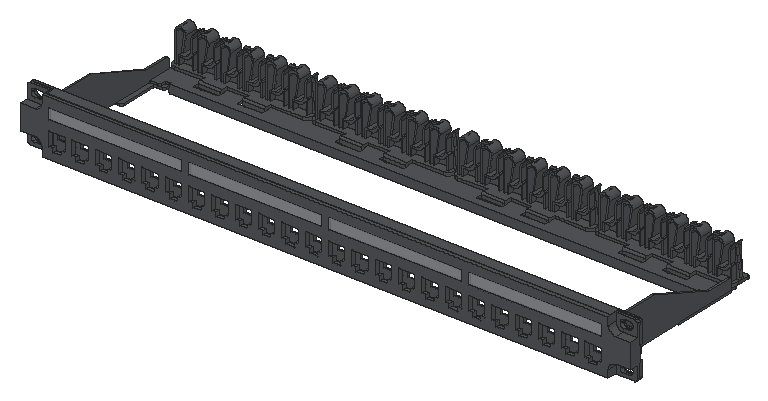
Revit family "Panneau de brassage", category Equipement spécialisé, Revit 2020 (continued)
Forms (mm)
  Extrusion 73, solid, material "IDS_NOIR" <- "Couleur"
    sketch origin (0, 127.2, 8.1) x (0, 1, 0) y (1, 0, 0)
      loop
        arc (104.1, 217.05) -> (103.393, 216.757) -> (103.1, 216.05) r 1
        line (103.1, 216.05) -> (103.1, 215.05) -> (97.1, 215.05)
    from 0 to -1.5
  Extrusion 74, solid, material "IDS_NOIR" <- "Couleur"
    sketch origin (-18.1, 127.2, 8.1) x (0, 1, 0) y (1, 0, 0)
      loop
        line (97.1, 215.05) -> (97.1, 210.05) -> (103.1, 210.05) -> (103.1, 209.05)
        arc (103.1, 209.05) -> (103.393, 208.343) -> (104.1, 208.05) r 1
        line (104.1, 208.05) -> (105.1, 208.05)
        arc (105.1, 208.05) -> (105.807, 208.343) -> (106.1, 209.05) r 1
        line (106.1, 209.05) -> (106.1, 216.05)
        arc (106.1, 216.05) -> (105.807, 216.757) -> (105.1, 217.05) r 1
        line (105.1, 217.05) -> (104.1, 217.05)
        arc (104.1, 217.05) -> (103.393, 216.757) -> (103.1, 216.05) r 1
        line (103.1, 216.05) -> (103.1, 215.05) -> (97.1, 215.05)
    from 0 to -1.5
  Extrusion 75, solid, material "IDS_NOIR" <- "Couleur"
    sketch origin (-36.2, 127.2, 8.1) x (0, 1, 0) y (1, 0, 0)
      loop
        line (97.1, 215.05) -> (97.1, 210.05) -> (103.1, 210.05) -> (103.1, 209.05)
        arc (103.1, 209.05) -> (103.393, 208.343) -> (104.1, 208.05) r 1
        line (104.1, 208.05) -> (105.1, 208.05)
        arc (105.1, 208.05) -> (105.807, 208.343) -> (106.1, 209.05) r 1
        line (106.1, 209.05) -> (106.1, 216.05)
        arc (106.1, 216.05) -> (105.807, 216.757) -> (105.1, 217.05) r 1
        line (105.1, 217.05) -> (104.1, 217.05)
        arc (104.1, 217.05) -> (103.393, 216.757) -> (103.1, 216.05) r 1
        line (103.1, 216.05) -> (103.1, 215.05) -> (97.1, 215.05)
    from 0 to -1.5
  Extrusion 76, solid, material "IDS_NOIR" <- "Couleur"
    sketch origin (-54.3, 127.2, 8.1) x (0, 1, 0) y (1, 0, 0)
      loop
        line (97.1, 215.05) -> (97.1, 210.05) -> (103.1, 210.05) -> (103.1, 209.05)
        arc (103.1, 209.05) -> (103.393, 208.343) -> (104.1, 208.05) r 1
        line (104.1, 208.05) -> (105.1, 208.05)
        arc (105.1, 208.05) -> (105.807, 208.343) -> (106.1, 209.05) r 1
        line (106.1, 209.05) -> (106.1, 216.05)
        arc (106.1, 216.05) -> (105.807, 216.757) -> (105.1, 217.05) r 1
        line (105.1, 217.05) -> (104.1, 217.05)
        arc (104.1, 217.05) -> (103.393, 216.757) -> (103.1, 216.05) r 1
        line (103.1, 216.05) -> (103.1, 215.05) -> (97.1, 215.05)
    from 0 to -1.5
  Extrusion 77, solid, material "IDS_NOIR" <- "Couleur"
    sketch origin (-72.4, 127.2, 8.1) x (0, 1, 0) y (1, 0, 0)
      loop
        line (97.1, 215.05) -> (97.1, 210.05) -> (103.1, 210.05) -> (103.1, 209.05)
        arc (103.1, 209.05) -> (103.393, 208.343) -> (104.1, 208.05) r 1
        line (104.1, 208.05) -> (105.1, 208.05)
        arc (105.1, 208.05) -> (105.807, 208.343) -> (106.1, 209.05) r 1
        line (106.1, 209.05) -> (106.1, 216.05)
        arc (106.1, 216.05) -> (105.807, 216.757) -> (105.1, 217.05) r 1
        line (105.1, 217.05) -> (104.1, 217.05)
        arc (104.1, 217.05) -> (103.393, 216.757) -> (103.1, 216.05) r 1
        line (103.1, 216.05) -> (103.1, 215.05) -> (97.1, 215.05)
    from 0 to -1.5
  Extrusion 78, solid, material "IDS_NOIR" <- "Couleur"
    sketch origin (-90.5, 127.2, 8.1) x (0, 1, 0) y (1, 0, 0)
      loop
        line (97.1, 215.05) -> (97.1, 210.05) -> (103.1, 210.05) -> (103.1, 209.05)
        arc (103.1, 209.05) -> (103.393, 208.343) -> (104.1, 208.05) r 1
        line (104.1, 208.05) -> (105.1, 208.05)
        arc (105.1, 208.05) -> (105.807, 208.343) -> (106.1, 209.05) r 1
        line (106.1, 209.05) -> (106.1, 216.05)
        arc (106.1, 216.05) -> (105.807, 216.757) -> (105.1, 217.05) r 1
        line (105.1, 217.05) -> (104.1, 217.05)
        arc (104.1, 217.05) -> (103.393, 216.757) -> (103.1, 216.05) r 1
        line (103.1, 216.05) -> (103.1, 215.05) -> (97.1, 215.05)
    from 0 to -1.5
  Extrusion 79, solid, material "IDS_NOIR" <- "Couleur"
    sketch origin (-112, 127.2, 8.1) x (0, 1, 0) y (1, 0, 0)
      loop
        line (97.1, 215.05) -> (97.1, 210.05) -> (103.1, 210.05) -> (103.1, 209.05)
        arc (103.1, 209.05) -> (103.393, 208.343) -> (104.1, 208.05) r 1
        line (104.1, 208.05) -> (105.1, 208.05)
        arc (105.1, 208.05) -> (105.807, 208.343) -> (106.1, 209.05) r 1
        line (106.1, 209.05) -> (106.1, 216.05)
        arc (106.1, 216.05) -> (105.807, 216.757) -> (105.1, 217.05) r 1
        line (105.1, 217.05) -> (104.1, 217.05)
        arc (104.1, 217.05) -> (103.393, 216.757) -> (103.1, 216.05) r 1
        line (103.1, 216.05) -> (103.1, 215.05) -> (97.1, 215.05)
    from 0 to -1.5
  Extrusion 80, solid, material "IDS_NOIR" <- "Couleur"
    sketch origin (-130.1, 127.2, 8.1) x (0, 1, 0) y (1, 0, 0)
      loop
        line (97.1, 215.05) -> (97.1, 210.05) -> (103.1, 210.05) -> (103.1, 209.05)
        arc (103.1, 209.05) -> (103.393, 208.343) -> (104.1, 208.05) r 1
        line (104.1, 208.05) -> (105.1, 208.05)
        arc (105.1, 208.05) -> (105.807, 208.343) -> (106.1, 209.05) r 1
        line (106.1, 209.05) -> (106.1, 216.05)
        arc (106.1, 216.05) -> (105.807, 216.757) -> (105.1, 217.05) r 1
        line (105.1, 217.05) -> (104.1, 217.05)
        arc (104.1, 217.05) -> (103.393, 216.757) -> (103.1, 216.05) r 1
        line (103.1, 216.05) -> (103.1, 215.05) -> (97.1, 215.05)
    from 0 to -1.5
  Extrusion 81, solid, material "IDS_NOIR" <- "Couleur"
    sketch origin (-148.2, 127.2, 8.1) x (0, 1, 0) y (1, 0, 0)
      loop
        line (97.1, 215.05) -> (97.1, 210.05) -> (103.1, 210.05) -> (103.1, 209.05)
        arc (103.1, 209.05) -> (103.393, 208.343) -> (104.1, 208.05) r 1
        line (104.1, 208.05) -> (105.1, 208.05)
        arc (105.1, 208.05) -> (105.807, 208.343) -> (106.1, 209.05) r 1
        line (106.1, 209.05) -> (106.1, 216.05)
        arc (106.1, 216.05) -> (105.807, 216.757) -> (105.1, 217.05) r 1
        line (105.1, 217.05) -> (104.1, 217.05)
        arc (104.1, 217.05) -> (103.393, 216.757) -> (103.1, 216.05) r 1
        line (103.1, 216.05) -> (103.1, 215.05) -> (97.1, 215.05)
    from 0 to -1.5
  Extrusion 82, solid, material "IDS_NOIR" <- "Couleur"
    sketch origin (-166.3, 127.2, 8.1) x (0, 1, 0) y (1, 0, 0)
      loop
        line (97.1, 215.05) -> (97.1, 210.05) -> (103.1, 210.05) -> (103.1, 209.05)
        arc (103.1, 209.05) -> (103.393, 208.343) -> (104.1, 208.05) r 1
        line (104.1, 208.05) -> (105.1, 208.05)
        arc (105.1, 208.05) -> (105.807, 208.343) -> (106.1, 209.05) r 1
        line (106.1, 209.05) -> (106.1, 216.05)
        arc (106.1, 216.05) -> (105.807, 216.757) -> (105.1, 217.05) r 1
        line (105.1, 217.05) -> (104.1, 217.05)
        arc (104.1, 217.05) -> (103.393, 216.757) -> (103.1, 216.05) r 1
        line (103.1, 216.05) -> (103.1, 215.05) -> (97.1, 215.05)
    from 0 to -1.5
  Extrusion 83, solid, material "IDS_NOIR" <- "Couleur"
    sketch origin (-184.4, 127.2, 8.1) x (0, 1, 0) y (1, 0, 0)
      loop
        line (97.1, 215.05) -> (97.1, 210.05) -> (103.1, 210.05) -> (103.1, 209.05)
        arc (103.1, 209.05) -> (103.393, 208.343) -> (104.1, 208.05) r 1
        line (104.1, 208.05) -> (105.1, 208.05)
        arc (105.1, 208.05) -> (105.807, 208.343) -> (106.1, 209.05) r 1
        line (106.1, 209.05) -> (106.1, 216.05)
        arc (106.1, 216.05) -> (105.807, 216.757) -> (105.1, 217.05) r 1
        line (105.1, 217.05) -> (104.1, 217.05)
        arc (104.1, 217.05) -> (103.393, 216.757) -> (103.1, 216.05) r 1
        line (103.1, 216.05) -> (103.1, 215.05) -> (97.1, 215.05)
    from 0 to -1.5
  Extrusion 84, solid, material "IDS_NOIR" <- "Couleur"
    sketch origin (-202.5, 127.2, 8.1) x (0, 1, 0) y (1, 0, 0)
      loop
        line (97.1, 215.05) -> (97.1, 210.05) -> (103.1, 210.05) -> (103.1, 209.05)
        arc (103.1, 209.05) -> (103.393, 208.343) -> (104.1, 208.05) r 1
        line (104.1, 208.05) -> (105.1, 208.05)
        arc (105.1, 208.05) -> (105.807, 208.343) -> (106.1, 209.05) r 1
        line (106.1, 209.05) -> (106.1, 216.05)
        arc (106.1, 216.05) -> (105.807, 216.757) -> (105.1, 217.05) r 1
        line (105.1, 217.05) -> (104.1, 217.05)
        arc (104.1, 217.05) -> (103.393, 216.757) -> (103.1, 216.05) r 1
        line (103.1, 216.05) -> (103.1, 215.05) -> (97.1, 215.05)
    from 0 to -1.5
  Extrusion 85, solid, material "IDS_NOIR" <- "Couleur"
    sketch origin (446.6, 127.2, 8.1) x (0, -1, 0) y (-1, 0, 0)
      loop
        line (-97.1, 215.05) -> (-103.1, 215.05) -> (-103.1, 216.05)
        arc (-103.1, 216.05) -> (-103.393, 216.757) -> (-104.1, 217.05) r 1
        line (-104.1, 217.05) -> (-105.1, 217.05)
        arc (-105.1, 217.05) -> (-105.807, 216.757) -> (-106.1, 216.05) r 1
        line (-106.1, 216.05) -> (-106.1, 209.05)
        arc (-106.1, 209.05) -> (-105.807, 208.343) -> (-105.1, 208.05) r 1
        line (-105.1, 208.05) -> (-104.1, 208.05)
        arc (-104.1, 208.05) -> (-103.393, 208.343) -> (-103.1, 209.05) r 1
        line (-103.1, 209.05) -> (-103.1, 210.05) -> (-97.1, 210.05) -> (-97.1, 215.05)
    from 0 to -1.5
  Extrusion 86, solid, material "IDS_NOIR" <- "Couleur"
    sketch origin (464.7, 127.2, 8.1) x (0, -1, 0) y (-1, 0, 0)
      loop
        line (-97.1, 215.05) -> (-103.1, 215.05) -> (-103.1, 216.05)
        arc (-103.1, 216.05) -> (-103.393, 216.757) -> (-104.1, 217.05) r 1
        line (-104.1, 217.05) -> (-105.1, 217.05)
        arc (-105.1, 217.05) -> (-105.807, 216.757) -> (-106.1, 216.05) r 1
        line (-106.1, 216.05) -> (-106.1, 209.05)
        arc (-106.1, 209.05) -> (-105.807, 208.343) -> (-105.1, 208.05) r 1
        line (-105.1, 208.05) -> (-104.1, 208.05)
        arc (-104.1, 208.05) -> (-103.393, 208.343) -> (-103.1, 209.05) r 1
        line (-103.1, 209.05) -> (-103.1, 210.05) -> (-97.1, 210.05) -> (-97.1, 215.05)
    from 0 to -1.5
  Extrusion 87, solid, material "IDS_NOIR" <- "Couleur"
    sketch origin (482.8, 127.2, 8.1) x (0, -1, 0) y (-1, 0, 0)
      loop
        line (-97.1, 215.05) -> (-103.1, 215.05) -> (-103.1, 216.05)
        arc (-103.1, 216.05) -> (-103.393, 216.757) -> (-104.1, 217.05) r 1
        line (-104.1, 217.05) -> (-105.1, 217.05)
        arc (-105.1, 217.05) -> (-105.807, 216.757) -> (-106.1, 216.05) r 1
        line (-106.1, 216.05) -> (-106.1, 209.05)
        arc (-106.1, 209.05) -> (-105.807, 208.343) -> (-105.1, 208.05) r 1
        line (-105.1, 208.05) -> (-104.1, 208.05)
        arc (-104.1, 208.05) -> (-103.393, 208.343) -> (-103.1, 209.05) r 1
        line (-103.1, 209.05) -> (-103.1, 210.05) -> (-97.1, 210.05) -> (-97.1, 215.05)
    from 0 to -1.5
  Extrusion 88, solid, material "IDS_NOIR" <- "Couleur"
    sketch origin (500.9, 127.2, 8.1) x (0, -1, 0) y (-1, 0, 0)
      loop
        line (-97.1, 215.05) -> (-103.1, 215.05) -> (-103.1, 216.05)
        arc (-103.1, 216.05) -> (-103.393, 216.757) -> (-104.1, 217.05) r 1
        line (-104.1, 217.05) -> (-105.1, 217.05)
        arc (-105.1, 217.05) -> (-105.807, 216.757) -> (-106.1, 216.05) r 1
        line (-106.1, 216.05) -> (-106.1, 209.05)
        arc (-106.1, 209.05) -> (-105.807, 208.343) -> (-105.1, 208.05) r 1
        line (-105.1, 208.05) -> (-104.1, 208.05)
        arc (-104.1, 208.05) -> (-103.393, 208.343) -> (-103.1, 209.05) r 1
        line (-103.1, 209.05) -> (-103.1, 210.05) -> (-97.1, 210.05) -> (-97.1, 215.05)
    from 0 to -1.5
  Extrusion 89, solid, material "IDS_NOIR" <- "Couleur"
    sketch origin (519, 127.2, 8.1) x (0, -1, 0) y (-1, 0, 0)
      loop
        line (-97.1, 215.05) -> (-103.1, 215.05) -> (-103.1, 216.05)
        arc (-103.1, 216.05) -> (-103.393, 216.757) -> (-104.1, 217.05) r 1
        line (-104.1, 217.05) -> (-105.1, 217.05)
        arc (-105.1, 217.05) -> (-105.807, 216.757) -> (-106.1, 216.05) r 1
        line (-106.1, 216.05) -> (-106.1, 209.05)
        arc (-106.1, 209.05) -> (-105.807, 208.343) -> (-105.1, 208.05) r 1
        line (-105.1, 208.05) -> (-104.1, 208.05)
        arc (-104.1, 208.05) -> (-103.393, 208.343) -> (-103.1, 209.05) r 1
        line (-103.1, 209.05) -> (-103.1, 210.05) -> (-97.1, 210.05) -> (-97.1, 215.05)
    from 0 to -1.5
  Extrusion 90, solid, material "IDS_NOIR" <- "Couleur"
    sketch origin (537.1, 127.2, 8.1) x (0, -1, 0) y (-1, 0, 0)
      loop
        line (-97.1, 215.05) -> (-103.1, 215.05) -> (-103.1, 216.05)
        arc (-103.1, 216.05) -> (-103.393, 216.757) -> (-104.1, 217.05) r 1
        line (-104.1, 217.05) -> (-105.1, 217.05)
        arc (-105.1, 217.05) -> (-105.807, 216.757) -> (-106.1, 216.05) r 1
        line (-106.1, 216.05) -> (-106.1, 209.05)
        arc (-106.1, 209.05) -> (-105.807, 208.343) -> (-105.1, 208.05) r 1
        line (-105.1, 208.05) -> (-104.1, 208.05)
        arc (-104.1, 208.05) -> (-103.393, 208.343) -> (-103.1, 209.05) r 1
        line (-103.1, 209.05) -> (-103.1, 210.05) -> (-97.1, 210.05) -> (-97.1, 215.05)
    from 0 to -1.5
  Extrusion 91, solid, material "IDS_NOIR" <- "Couleur"
    sketch origin (558.6, 127.2, 8.1) x (0, -1, 0) y (-1, 0, 0)
      loop
        line (-97.1, 215.05) -> (-103.1, 215.05) -> (-103.1, 216.05)
        arc (-103.1, 216.05) -> (-103.393, 216.757) -> (-104.1, 217.05) r 1
        line (-104.1, 217.05) -> (-105.1, 217.05)
        arc (-105.1, 217.05) -> (-105.807, 216.757) -> (-106.1, 216.05) r 1
        line (-106.1, 216.05) -> (-106.1, 209.05)
        arc (-106.1, 209.05) -> (-105.807, 208.343) -> (-105.1, 208.05) r 1
        line (-105.1, 208.05) -> (-104.1, 208.05)
        arc (-104.1, 208.05) -> (-103.393, 208.343) -> (-103.1, 209.05) r 1
        line (-103.1, 209.05) -> (-103.1, 210.05) -> (-97.1, 210.05) -> (-97.1, 215.05)
    from 0 to -1.5
  Extrusion 92, solid, material "IDS_NOIR" <- "Couleur"
    sketch origin (576.7, 127.2, 8.1) x (0, -1, 0) y (-1, 0, 0)
      loop
        line (-97.1, 215.05) -> (-103.1, 215.05) -> (-103.1, 216.05)
        arc (-103.1, 216.05) -> (-103.393, 216.757) -> (-104.1, 217.05) r 1
        line (-104.1, 217.05) -> (-105.1, 217.05)
        arc (-105.1, 217.05) -> (-105.807, 216.757) -> (-106.1, 216.05) r 1
        line (-106.1, 216.05) -> (-106.1, 209.05)
        arc (-106.1, 209.05) -> (-105.807, 208.343) -> (-105.1, 208.05) r 1
        line (-105.1, 208.05) -> (-104.1, 208.05)
        arc (-104.1, 208.05) -> (-103.393, 208.343) -> (-103.1, 209.05) r 1
        line (-103.1, 209.05) -> (-103.1, 210.05) -> (-97.1, 210.05) -> (-97.1, 215.05)
    from 0 to -1.5
  Extrusion 93, solid, material "IDS_NOIR" <- "Couleur"
    sketch origin (594.8, 127.2, 8.1) x (0, -1, 0) y (-1, 0, 0)
      loop
        line (-97.1, 215.05) -> (-103.1, 215.05) -> (-103.1, 216.05)
        arc (-103.1, 216.05) -> (-103.393, 216.757) -> (-104.1, 217.05) r 1
        line (-104.1, 217.05) -> (-105.1, 217.05)
        arc (-105.1, 217.05) -> (-105.807, 216.757) -> (-106.1, 216.05) r 1
        line (-106.1, 216.05) -> (-106.1, 209.05)
        arc (-106.1, 209.05) -> (-105.807, 208.343) -> (-105.1, 208.05) r 1
        line (-105.1, 208.05) -> (-104.1, 208.05)
        arc (-104.1, 208.05) -> (-103.393, 208.343) -> (-103.1, 209.05) r 1
        line (-103.1, 209.05) -> (-103.1, 210.05) -> (-97.1, 210.05) -> (-97.1, 215.05)
    from 0 to -1.5
  Extrusion 94, solid, material "IDS_NOIR" <- "Couleur"
    sketch origin (612.9, 127.2, 8.1) x (0, -1, 0) y (-1, 0, 0)
      loop
        line (-97.1, 215.05) -> (-103.1, 215.05) -> (-103.1, 216.05)
        arc (-103.1, 216.05) -> (-103.393, 216.757) -> (-104.1, 217.05) r 1
        line (-104.1, 217.05) -> (-105.1, 217.05)
        arc (-105.1, 217.05) -> (-105.807, 216.757) -> (-106.1, 216.05) r 1
        line (-106.1, 216.05) -> (-106.1, 209.05)
        arc (-106.1, 209.05) -> (-105.807, 208.343) -> (-105.1, 208.05) r 1
        line (-105.1, 208.05) -> (-104.1, 208.05)
        arc (-104.1, 208.05) -> (-103.393, 208.343) -> (-103.1, 209.05) r 1
        line (-103.1, 209.05) -> (-103.1, 210.05) -> (-97.1, 210.05) -> (-97.1, 215.05)
    from 0 to -1.5
  Extrusion 95, solid, material "IDS_NOIR" <- "Couleur"
    sketch origin (631, 127.2, 8.1) x (0, -1, 0) y (-1, 0, 0)
      loop
        line (-97.1, 215.05) -> (-103.1, 215.05) -> (-103.1, 216.05)
        arc (-103.1, 216.05) -> (-103.393, 216.757) -> (-104.1, 217.05) r 1
        line (-104.1, 217.05) -> (-105.1, 217.05)
        arc (-105.1, 217.05) -> (-105.807, 216.757) -> (-106.1, 216.05) r 1
        line (-106.1, 216.05) -> (-106.1, 209.05)
        arc (-106.1, 209.05) -> (-105.807, 208.343) -> (-105.1, 208.05) r 1
        line (-105.1, 208.05) -> (-104.1, 208.05)
        arc (-104.1, 208.05) -> (-103.393, 208.343) -> (-103.1, 209.05) r 1
        line (-103.1, 209.05) -> (-103.1, 210.05) -> (-97.1, 210.05) -> (-97.1, 215.05)
    from 0 to -1.5
  Extrusion 96, solid, material "IDS_NOIR" <- "Couleur"
    sketch origin (649.1, 127.2, 8.1) x (0, -1, 0) y (-1, 0, 0)
      loop
        line (-97.1, 215.05) -> (-103.1, 215.05) -> (-103.1, 216.05)
        arc (-103.1, 216.05) -> (-103.393, 216.757) -> (-104.1, 217.05) r 1
        line (-104.1, 217.05) -> (-105.1, 217.05)
        arc (-105.1, 217.05) -> (-105.807, 216.757) -> (-106.1, 216.05) r 1
        line (-106.1, 216.05) -> (-106.1, 209.05)
        arc (-106.1, 209.05) -> (-105.807, 208.343) -> (-105.1, 208.05) r 1
        line (-105.1, 208.05) -> (-104.1, 208.05)
        arc (-104.1, 208.05) -> (-103.393, 208.343) -> (-103.1, 209.05) r 1
        line (-103.1, 209.05) -> (-103.1, 210.05) -> (-97.1, 210.05) -> (-97.1, 215.05)
    from 0 to -1.5
  Extrusion 97, solid, material "IDS_NOIR" <- "Couleur"
    sketch origin (0, 127.2, 9.6) x (1, 0, 0) y (0, 1, 0)
      loop
        line (5.4, 91.1) -> (106.4, 91.1)
        arc (106.4, 91.1) -> (109.936, 92.564) -> (111.4, 96.1) r 5
        line (111.4, 96.1) -> (111.4, 105.6)
        arc (111.4, 105.6) -> (110.814, 107.014) -> (109.4, 107.6) r 2
        line (109.4, 107.6) -> (2.4, 107.6)
        arc (2.4, 107.6) -> (0.986, 107.014) -> (0.4, 105.6) r 2
        line (0.4, 105.6) -> (0.4, 96.1)
        arc (0.4, 96.1) -> (1.864, 92.564) -> (5.4, 91.1) r 5
    from 0 to 2
  Extrusion 98, solid, material "IDS_NOIR" <- "Couleur"
    sketch origin (28.9, 239.845, 1200) x (0, 1, 0) y (0, 0, 1)
      loop
        line (-21.545, -1190.4) -> (-21.545, -1188.4) -> (-26.045, -1188.4)
        arc (-26.045, -1188.4) -> (-27.106, -1188.839) -> (-27.545, -1189.9) r 1.5
        line (-27.545, -1189.9) -> (-27.545, -1192.9)
        arc (-27.545, -1192.9) -> (-27.106, -1193.961) -> (-26.045, -1194.4) r 1.5
        line (-26.045, -1194.4) -> (-23.545, -1194.4) -> (-23.545, -1192.4) -> (-25.545, -1192.4) -> (-25.545, -1190.4) -> (-21.545, -1190.4)
    from 0 to 18
  Extrusion 99, solid, material "IDS_NOIR" <- "Couleur"
    sketch origin (81.7, 239.845, 1200) x (0, 1, 0) y (0, 0, -1)
      loop
        line (-21.545, 1190.4) -> (-25.545, 1190.4) -> (-25.545, 1192.4) -> (-23.545, 1192.4) -> (-23.545, 1194.4) -> (-26.045, 1194.4)
        arc (-26.045, 1194.4) -> (-27.106, 1193.961) -> (-27.545, 1192.9) r 1.5
        line (-27.545, 1192.9) -> (-27.545, 1189.9)
        arc (-27.545, 1189.9) -> (-27.106, 1188.839) -> (-26.045, 1188.4) r 1.5
        line (-26.045, 1188.4) -> (-21.545, 1188.4) -> (-21.545, 1190.4)
    from 0 to 18
  Extrusion 100, solid, material "IDS_NOIR" <- "Couleur"
    sketch origin (5.4, 247.204, 1200) x (0, 1, 0) y (0, 0, 1)
      loop
        line (-12.404, -1190.401) -> (-13.654, -1190.401) -> (-13.654, -1195.9) -> (-12.404, -1195.9) -> (-12.404, -1190.401)
    from 0 to 22
  Extrusion 101, solid, material "IDS_NOIR" <- "Couleur"
    sketch origin (7.9, 236.327, 1200) x (0, 1, 0) y (0, 0, 1)
      loop
        line (-4.027, -1192.4) -> (-4.027, -1195.9) -> (-2.777, -1195.9) -> (-2.777, -1192.4) -> (-4.027, -1192.4)
    from 0 to 4
  Extrusion 102, void
    sketch origin (5.4, 247.204, 1200) x (0, -1, 0) y (0, 0, 1)
      loop
        line (12.904, -1195.9) -> (14.904, -1195.9) -> (14.904, -1193.4) -> (12.904, -1195.9)
    from 0 to -22
  Extrusion 103, solid, material "IDS_NOIR" <- "Couleur"
    sketch origin (105.2, 247.204, 1200) x (0, 1, 0) y (0, 0, -1)
      loop
        line (-12.404, 1190.401) -> (-12.404, 1195.9) -> (-13.654, 1195.9) -> (-13.654, 1190.401) -> (-12.404, 1190.401)
    from 0 to 22
  Extrusion 104, solid, material "IDS_NOIR" <- "Couleur"
    sketch origin (102.7, 236.327, 1200) x (0, 1, 0) y (0, 0, -1)
      loop
        line (-4.027, 1192.4) -> (-2.777, 1192.4) -> (-2.777, 1195.9) -> (-4.027, 1195.9) -> (-4.027, 1192.4)
    from 0 to 4
  Extrusion 105, void
    sketch origin (105.2, 247.204, 1200) x (0, -1, 0) y (0, 0, -1)
      loop
        line (12.904, 1195.9) -> (14.904, 1193.4) -> (14.904, 1195.9) -> (12.904, 1195.9)
    from 0 to -22
  Extrusion 106, solid, material "IDS_NOIR" <- "Couleur"
    sketch origin (-28, 231.765, 1200) x (-1, 0, 0) y (0, 0, 1)
      loop
        line (-30.74, -1188.4) -> (-30.74, -1165.4)
        arc (-30.74, -1165.4) -> (-35.283, -1161.16) -> (-39.2, -1165.985) r 4.25
        line (-39.2, -1165.985) -> (-37.4, -1178.928) -> (-36.211, -1178.763) -> (-38.011, -1165.82)
        arc (-38.011, -1165.82) -> (-35.201, -1162.357) -> (-31.94, -1165.4) r 3.05
        line (-31.94, -1165.4) -> (-31.94, -1188.4) -> (-30.74, -1188.4)
      loop
        line (-44.7, -1176.6) -> (-45.54, -1177.3)
        arc (-45.54, -1177.3) -> (-45.806, -1177.644) -> (-45.9, -1178.068) r 1
        line (-45.9, -1178.068) -> (-45.9, -1188.4) -> (-44.7, -1188.4) -> (-44.7, -1179.283)
        arc (-44.7, -1179.283) -> (-44.465, -1178.991) -> (-44.129, -1179.156) r 0.3
        arc (-44.129, -1179.156) -> (-41.915, -1181.666) -> (-38.7, -1182.6) r 6
        line (-38.7, -1182.6) -> (-34.9, -1182.6) -> (-34.9, -1188.4) -> (-33.7, -1188.4) -> (-33.7, -1182.4)
        arc (-33.7, -1182.4) -> (-33.993, -1181.693) -> (-34.7, -1181.4) r 1
        line (-34.7, -1181.4) -> (-37.5, -1181.4)
        arc (-37.5, -1181.4) -> (-41.743, -1179.643) -> (-43.5, -1175.4) r 6
        line (-43.5, -1175.4) -> (-43.5, -1166.45) -> (-44.7, -1163.4) -> (-45.9, -1163.4) -> (-44.7, -1166.45) -> (-44.7, -1176.6)
    from 0 to -10
  Extrusion 107, solid, material "IDS_NOIR" <- "Couleur"
    sketch origin (-10, 231.765, 1200) x (-1, 0, 0) y (0, 0, 1)
      loop
        line (-30.74, -1188.4) -> (-30.74, -1165.4)
        arc (-30.74, -1165.4) -> (-35.283, -1161.16) -> (-39.2, -1165.985) r 4.25
        line (-39.2, -1165.985) -> (-37.4, -1178.928) -> (-36.211, -1178.763) -> (-38.011, -1165.82)
        arc (-38.011, -1165.82) -> (-35.201, -1162.357) -> (-31.94, -1165.4) r 3.05
        line (-31.94, -1165.4) -> (-31.94, -1188.4) -> (-30.74, -1188.4)
      loop
        line (-44.7, -1176.6) -> (-45.54, -1177.3)
        arc (-45.54, -1177.3) -> (-45.806, -1177.644) -> (-45.9, -1178.068) r 1
        line (-45.9, -1178.068) -> (-45.9, -1188.4) -> (-44.7, -1188.4) -> (-44.7, -1179.283)
        arc (-44.7, -1179.283) -> (-44.465, -1178.991) -> (-44.129, -1179.156) r 0.3
        arc (-44.129, -1179.156) -> (-41.915, -1181.666) -> (-38.7, -1182.6) r 6
        line (-38.7, -1182.6) -> (-34.9, -1182.6) -> (-34.9, -1188.4) -> (-33.7, -1188.4) -> (-33.7, -1182.4)
        arc (-33.7, -1182.4) -> (-33.993, -1181.693) -> (-34.7, -1181.4) r 1
        line (-34.7, -1181.4) -> (-37.5, -1181.4)
        arc (-37.5, -1181.4) -> (-41.743, -1179.643) -> (-43.5, -1175.4) r 6
        line (-43.5, -1175.4) -> (-43.5, -1166.45) -> (-44.7, -1163.4) -> (-45.9, -1163.4) -> (-44.7, -1166.45) -> (-44.7, -1176.6)
    from 0 to -10
  Extrusion 108, solid, material "IDS_NOIR" <- "Couleur"
    sketch origin (8, 231.765, 1200) x (-1, 0, 0) y (0, 0, 1)
      loop
        line (-30.74, -1188.4) -> (-30.74, -1165.4)
        arc (-30.74, -1165.4) -> (-35.283, -1161.16) -> (-39.2, -1165.985) r 4.25
        line (-39.2, -1165.985) -> (-37.4, -1178.928) -> (-36.211, -1178.763) -> (-38.011, -1165.82)
        arc (-38.011, -1165.82) -> (-35.201, -1162.357) -> (-31.94, -1165.4) r 3.05
        line (-31.94, -1165.4) -> (-31.94, -1188.4) -> (-30.74, -1188.4)
      loop
        line (-44.7, -1176.6) -> (-45.54, -1177.3)
        arc (-45.54, -1177.3) -> (-45.806, -1177.644) -> (-45.9, -1178.068) r 1
        line (-45.9, -1178.068) -> (-45.9, -1188.4) -> (-44.7, -1188.4) -> (-44.7, -1179.283)
        arc (-44.7, -1179.283) -> (-44.465, -1178.991) -> (-44.129, -1179.156) r 0.3
        arc (-44.129, -1179.156) -> (-41.915, -1181.666) -> (-38.7, -1182.6) r 6
        line (-38.7, -1182.6) -> (-34.9, -1182.6) -> (-34.9, -1188.4) -> (-33.7, -1188.4) -> (-33.7, -1182.4)
        arc (-33.7, -1182.4) -> (-33.993, -1181.693) -> (-34.7, -1181.4) r 1
        line (-34.7, -1181.4) -> (-37.5, -1181.4)
        arc (-37.5, -1181.4) -> (-41.743, -1179.643) -> (-43.5, -1175.4) r 6
        line (-43.5, -1175.4) -> (-43.5, -1166.45) -> (-44.7, -1163.4) -> (-45.9, -1163.4) -> (-44.7, -1166.45) -> (-44.7, -1176.6)
    from 0 to -10
  Extrusion 109, solid, material "IDS_NOIR" <- "Couleur"
    sketch origin (26, 231.765, 1200) x (-1, 0, 0) y (0, 0, 1)
      loop
        line (-30.74, -1188.4) -> (-30.74, -1165.4)
        arc (-30.74, -1165.4) -> (-35.283, -1161.16) -> (-39.2, -1165.985) r 4.25
        line (-39.2, -1165.985) -> (-37.4, -1178.928) -> (-36.211, -1178.763) -> (-38.011, -1165.82)
        arc (-38.011, -1165.82) -> (-35.201, -1162.357) -> (-31.94, -1165.4) r 3.05
        line (-31.94, -1165.4) -> (-31.94, -1188.4) -> (-30.74, -1188.4)
      loop
        line (-44.7, -1176.6) -> (-45.54, -1177.3)
        arc (-45.54, -1177.3) -> (-45.806, -1177.644) -> (-45.9, -1178.068) r 1
        line (-45.9, -1178.068) -> (-45.9, -1188.4) -> (-44.7, -1188.4) -> (-44.7, -1179.283)
        arc (-44.7, -1179.283) -> (-44.465, -1178.991) -> (-44.129, -1179.156) r 0.3
        arc (-44.129, -1179.156) -> (-41.915, -1181.666) -> (-38.7, -1182.6) r 6
        line (-38.7, -1182.6) -> (-34.9, -1182.6) -> (-34.9, -1188.4) -> (-33.7, -1188.4) -> (-33.7, -1182.4)
        arc (-33.7, -1182.4) -> (-33.993, -1181.693) -> (-34.7, -1181.4) r 1
        line (-34.7, -1181.4) -> (-37.5, -1181.4)
        arc (-37.5, -1181.4) -> (-41.743, -1179.643) -> (-43.5, -1175.4) r 6
        line (-43.5, -1175.4) -> (-43.5, -1166.45) -> (-44.7, -1163.4) -> (-45.9, -1163.4) -> (-44.7, -1166.45) -> (-44.7, -1176.6)
    from 0 to -10
  Extrusion 110, solid, material "IDS_NOIR" <- "Couleur"
    sketch origin (44, 231.765, 1200) x (-1, 0, 0) y (0, 0, 1)
      loop
        line (-30.74, -1188.4) -> (-30.74, -1165.4)
        arc (-30.74, -1165.4) -> (-35.283, -1161.16) -> (-39.2, -1165.985) r 4.25
        line (-39.2, -1165.985) -> (-37.4, -1178.928) -> (-36.211, -1178.763) -> (-38.011, -1165.82)
        arc (-38.011, -1165.82) -> (-35.201, -1162.357) -> (-31.94, -1165.4) r 3.05
        line (-31.94, -1165.4) -> (-31.94, -1188.4) -> (-30.74, -1188.4)
      loop
        line (-44.7, -1176.6) -> (-45.54, -1177.3)
        arc (-45.54, -1177.3) -> (-45.806, -1177.644) -> (-45.9, -1178.068) r 1
        line (-45.9, -1178.068) -> (-45.9, -1188.4) -> (-44.7, -1188.4) -> (-44.7, -1179.283)
        arc (-44.7, -1179.283) -> (-44.465, -1178.991) -> (-44.129, -1179.156) r 0.3
        arc (-44.129, -1179.156) -> (-41.915, -1181.666) -> (-38.7, -1182.6) r 6
        line (-38.7, -1182.6) -> (-34.9, -1182.6) -> (-34.9, -1188.4) -> (-33.7, -1188.4) -> (-33.7, -1182.4)
        arc (-33.7, -1182.4) -> (-33.993, -1181.693) -> (-34.7, -1181.4) r 1
        line (-34.7, -1181.4) -> (-37.5, -1181.4)
        arc (-37.5, -1181.4) -> (-41.743, -1179.643) -> (-43.5, -1175.4) r 6
        line (-43.5, -1175.4) -> (-43.5, -1166.45) -> (-44.7, -1163.4) -> (-45.9, -1163.4) -> (-44.7, -1166.45) -> (-44.7, -1176.6)
    from 0 to -10
  Extrusion 111, solid, material "IDS_NOIR" <- "Couleur"
    sketch origin (62, 231.765, 1200) x (-1, 0, 0) y (0, 0, 1)
      loop
        line (-30.74, -1188.4) -> (-30.74, -1165.4)
        arc (-30.74, -1165.4) -> (-35.283, -1161.16) -> (-39.2, -1165.985) r 4.25
        line (-39.2, -1165.985) -> (-37.4, -1178.928) -> (-36.211, -1178.763) -> (-38.011, -1165.82)
        arc (-38.011, -1165.82) -> (-35.201, -1162.357) -> (-31.94, -1165.4) r 3.05
        line (-31.94, -1165.4) -> (-31.94, -1188.4) -> (-30.74, -1188.4)
      loop
        line (-44.7, -1176.6) -> (-45.54, -1177.3)
        arc (-45.54, -1177.3) -> (-45.806, -1177.644) -> (-45.9, -1178.068) r 1
        line (-45.9, -1178.068) -> (-45.9, -1188.4) -> (-44.7, -1188.4) -> (-44.7, -1179.283)
        arc (-44.7, -1179.283) -> (-44.465, -1178.991) -> (-44.129, -1179.156) r 0.3
        arc (-44.129, -1179.156) -> (-41.915, -1181.666) -> (-38.7, -1182.6) r 6
        line (-38.7, -1182.6) -> (-34.9, -1182.6) -> (-34.9, -1188.4) -> (-33.7, -1188.4) -> (-33.7, -1182.4)
        arc (-33.7, -1182.4) -> (-33.993, -1181.693) -> (-34.7, -1181.4) r 1
        line (-34.7, -1181.4) -> (-37.5, -1181.4)
        arc (-37.5, -1181.4) -> (-41.743, -1179.643) -> (-43.5, -1175.4) r 6
        line (-43.5, -1175.4) -> (-43.5, -1166.45) -> (-44.7, -1163.4) -> (-45.9, -1163.4) -> (-44.7, -1166.45) -> (-44.7, -1176.6)
    from 0 to -10
  Extrusion 112, solid, material "IDS_NOIR" <- "Couleur"
    sketch origin (-11.064, 226.765, 1200) x (-1, 0, 0) y (0, 0, 1)
      loop
        line (-28.964, -1163.4) -> (-28.964, -1173.921)
        arc (-28.964, -1173.921) -> (-29.228, -1174.219) -> (-29.555, -1173.994) r 0.3
        line (-29.555, -1173.994) -> (-31.804, -1165.028) -> (-31.804, -1188.4) -> (-28.964, -1188.4) -> (-28.964, -1178.068)
        arc (-28.964, -1178.068) -> (-28.87, -1177.644) -> (-28.605, -1177.3) r 1
        line (-28.605, -1177.3) -> (-27.764, -1176.6) -> (-27.764, -1166.45) -> (-28.964, -1163.4)
      loop
        line (-27.764, -1188.4) -> (-17.964, -1188.4) -> (-17.964, -1182.6) -> (-21.764, -1182.6)
        arc (-21.764, -1182.6) -> (-24.979, -1181.666) -> (-27.193, -1179.156) r 6
        arc (-27.193, -1179.156) -> (-27.53, -1178.991) -> (-27.764, -1179.283) r 0.3
        line (-27.764, -1179.283) -> (-27.764, -1188.4)
      loop
        line (-16.764, -1182.4) -> (-16.764, -1188.4) -> (-15.004, -1188.4) -> (-15.004, -1182.4) -> (-16.764, -1182.4)
      loop
        line (-13.804, -1188.4) -> (-11.464, -1188.4) -> (-13.804, -1165.4) -> (-13.804, -1188.4)
    from 1 to -1
  Extrusion 113, solid, material "IDS_NOIR" <- "Couleur"
    sketch origin (6.936, 226.765, 1200) x (-1, 0, 0) y (0, 0, 1)
      loop
        line (-28.964, -1163.4) -> (-28.964, -1173.921)
        arc (-28.964, -1173.921) -> (-29.228, -1174.219) -> (-29.555, -1173.994) r 0.3
        line (-29.555, -1173.994) -> (-31.804, -1165.028) -> (-31.804, -1188.4) -> (-28.964, -1188.4) -> (-28.964, -1178.068)
        arc (-28.964, -1178.068) -> (-28.87, -1177.644) -> (-28.605, -1177.3) r 1
        line (-28.605, -1177.3) -> (-27.764, -1176.6) -> (-27.764, -1166.45) -> (-28.964, -1163.4)
      loop
        line (-27.764, -1188.4) -> (-17.964, -1188.4) -> (-17.964, -1182.6) -> (-21.764, -1182.6)
        arc (-21.764, -1182.6) -> (-24.979, -1181.666) -> (-27.193, -1179.156) r 6
        arc (-27.193, -1179.156) -> (-27.53, -1178.991) -> (-27.764, -1179.283) r 0.3
        line (-27.764, -1179.283) -> (-27.764, -1188.4)
      loop
        line (-16.764, -1182.4) -> (-16.764, -1188.4) -> (-15.229, -1188.4) -> (-15.229, -1182.4) -> (-16.764, -1182.4)
    from 1 to -1
  Extrusion 114, solid, material "IDS_NOIR" <- "Couleur"
    sketch origin (24.936, 226.765, 1200) x (-1, 0, 0) y (0, 0, 1)
      loop
        line (-28.964, -1163.4) -> (-28.964, -1173.921)
        arc (-28.964, -1173.921) -> (-29.228, -1174.219) -> (-29.555, -1173.994) r 0.3
        line (-29.555, -1173.994) -> (-31.804, -1165.028) -> (-31.804, -1188.4) -> (-28.964, -1188.4) -> (-28.964, -1178.068)
        arc (-28.964, -1178.068) -> (-28.87, -1177.644) -> (-28.605, -1177.3) r 1
        line (-28.605, -1177.3) -> (-27.764, -1176.6) -> (-27.764, -1166.45) -> (-28.964, -1163.4)
      loop
        line (-27.764, -1188.4) -> (-17.964, -1188.4) -> (-17.964, -1182.6) -> (-21.764, -1182.6)
        arc (-21.764, -1182.6) -> (-24.979, -1181.666) -> (-27.193, -1179.156) r 6
        arc (-27.193, -1179.156) -> (-27.53, -1178.991) -> (-27.764, -1179.283) r 0.3
        line (-27.764, -1179.283) -> (-27.764, -1188.4)
      loop
        line (-16.764, -1182.4) -> (-16.764, -1188.4) -> (-15.004, -1188.4) -> (-15.004, -1182.4) -> (-16.764, -1182.4)
    from 1 to -1
  Extrusion 115, solid, material "IDS_NOIR" <- "Couleur"
    sketch origin (42.936, 226.765, 1200) x (-1, 0, 0) y (0, 0, 1)
      loop
        line (-28.964, -1163.4) -> (-28.964, -1173.921)
        arc (-28.964, -1173.921) -> (-29.228, -1174.219) -> (-29.555, -1173.994) r 0.3
        line (-29.555, -1173.994) -> (-31.804, -1165.028) -> (-31.804, -1188.4) -> (-28.964, -1188.4) -> (-28.964, -1178.068)
        arc (-28.964, -1178.068) -> (-28.87, -1177.644) -> (-28.605, -1177.3) r 1
        line (-28.605, -1177.3) -> (-27.764, -1176.6) -> (-27.764, -1166.45) -> (-28.964, -1163.4)
      loop
        line (-27.764, -1188.4) -> (-17.964, -1188.4) -> (-17.964, -1182.6) -> (-21.764, -1182.6)
        arc (-21.764, -1182.6) -> (-24.979, -1181.666) -> (-27.193, -1179.156) r 6
        arc (-27.193, -1179.156) -> (-27.53, -1178.991) -> (-27.764, -1179.283) r 0.3
        line (-27.764, -1179.283) -> (-27.764, -1188.4)
      loop
        line (-16.764, -1182.4) -> (-16.764, -1188.4) -> (-15.004, -1188.4) -> (-15.004, -1182.4) -> (-16.764, -1182.4)
    from 1 to -1
  Extrusion 116, solid, material "IDS_NOIR" <- "Couleur"
    sketch origin (60.936, 226.765, 1200) x (-1, 0, 0) y (0, 0, 1)
      loop
        line (-28.964, -1163.4) -> (-28.964, -1173.921)
        arc (-28.964, -1173.921) -> (-29.228, -1174.219) -> (-29.555, -1173.994) r 0.3
        line (-29.555, -1173.994) -> (-31.804, -1165.028) -> (-31.804, -1188.4) -> (-28.964, -1188.4) -> (-28.964, -1178.068)
        arc (-28.964, -1178.068) -> (-28.87, -1177.644) -> (-28.605, -1177.3) r 1
        line (-28.605, -1177.3) -> (-27.764, -1176.6) -> (-27.764, -1166.45) -> (-28.964, -1163.4)
      loop
        line (-27.764, -1188.4) -> (-17.964, -1188.4) -> (-17.964, -1182.6) -> (-21.764, -1182.6)
        arc (-21.764, -1182.6) -> (-24.979, -1181.666) -> (-27.193, -1179.156) r 6
        arc (-27.193, -1179.156) -> (-27.53, -1178.991) -> (-27.764, -1179.283) r 0.3
        line (-27.764, -1179.283) -> (-27.764, -1188.4)
      loop
        line (-16.764, -1182.4) -> (-16.764, -1188.4) -> (-15.004, -1188.4) -> (-15.004, -1182.4) -> (-16.764, -1182.4)
    from 1 to -1
  Extrusion 117, solid, material "IDS_NOIR" <- "Couleur"
    sketch origin (78.936, 226.765, 1200) x (-1, 0, 0) y (0, 0, 1)
      loop
        line (-32.464, -1188.4) -> (-28.964, -1188.4) -> (-28.964, -1178.068)
        arc (-28.964, -1178.068) -> (-28.87, -1177.644) -> (-28.605, -1177.3) r 1
        line (-28.605, -1177.3) -> (-27.764, -1176.6) -> (-27.764, -1166.45) -> (-28.819, -1163.769) -> (-32.464, -1188.4)
      loop
        line (-27.764, -1188.4) -> (-17.964, -1188.4) -> (-17.964, -1182.6) -> (-21.764, -1182.6)
        arc (-21.764, -1182.6) -> (-24.979, -1181.666) -> (-27.193, -1179.156) r 6
        arc (-27.193, -1179.156) -> (-27.53, -1178.991) -> (-27.764, -1179.283) r 0.3
        line (-27.764, -1179.283) -> (-27.764, -1188.4)
      loop
        line (-16.764, -1182.4) -> (-16.764, -1188.4) -> (-15.004, -1188.4) -> (-15.004, -1182.4) -> (-16.764, -1182.4)
    from 1 to -1
  Extrusion 118, solid, material "IDS_NOIR" <- "Couleur"
    sketch origin (-11.064, 226.765, 1200) x (-1, 0, 0) y (0, 0, 1)
      loop
        arc (-36.054, -1161.15) -> (-33.708, -1161.856) -> (-32.142, -1163.74) r 4.25
        arc (-32.142, -1163.74) -> (-32.055, -1162.798) -> (-31.221, -1162.35) r 1
        line (-31.221, -1162.35) -> (-28.964, -1162.35) -> (-28.964, -1161.15) -> (-36.054, -1161.15)
    from -1 to 1
  Extrusion 119, solid, material "IDS_NOIR" <- "Couleur"
    sketch origin (6.936, 226.765, 1200) x (-1, 0, 0) y (0, 0, 1)
      loop
        arc (-36.054, -1161.15) -> (-33.708, -1161.856) -> (-32.142, -1163.74) r 4.25
        arc (-32.142, -1163.74) -> (-32.055, -1162.798) -> (-31.221, -1162.35) r 1
        line (-31.221, -1162.35) -> (-28.964, -1162.35) -> (-28.964, -1161.15) -> (-36.054, -1161.15)
    from -1 to 1
  Extrusion 120, solid, material "IDS_NOIR" <- "Couleur"
    sketch origin (24.936, 226.765, 1200) x (-1, 0, 0) y (0, 0, 1)
      loop
        arc (-36.054, -1161.15) -> (-33.708, -1161.856) -> (-32.142, -1163.74) r 4.25
        arc (-32.142, -1163.74) -> (-32.055, -1162.798) -> (-31.221, -1162.35) r 1
        line (-31.221, -1162.35) -> (-28.964, -1162.35) -> (-28.964, -1161.15) -> (-36.054, -1161.15)
    from -1 to 1
  Extrusion 121, solid, material "IDS_NOIR" <- "Couleur"
    sketch origin (42.936, 226.765, 1200) x (-1, 0, 0) y (0, 0, 1)
      loop
        arc (-36.054, -1161.15) -> (-33.708, -1161.856) -> (-32.142, -1163.74) r 4.25
        arc (-32.142, -1163.74) -> (-32.055, -1162.798) -> (-31.221, -1162.35) r 1
        line (-31.221, -1162.35) -> (-28.964, -1162.35) -> (-28.964, -1161.15) -> (-36.054, -1161.15)
    from -1 to 1
  Extrusion 122, solid, material "IDS_NOIR" <- "Couleur"
    sketch origin (60.936, 226.765, 1200) x (-1, 0, 0) y (0, 0, 1)
      loop
        arc (-36.054, -1161.15) -> (-33.708, -1161.856) -> (-32.142, -1163.74) r 4.25
        arc (-32.142, -1163.74) -> (-32.055, -1162.798) -> (-31.221, -1162.35) r 1
        line (-31.221, -1162.35) -> (-28.964, -1162.35) -> (-28.964, -1161.15) -> (-36.054, -1161.15)
    from -1 to 1
  Extrusion 123, solid, material "IDS_NOIR" <- "Couleur"
    sketch origin (111.5, 127.2, 9.6) x (1, 0, 0) y (0, 1, 0)
      loop
        line (5.4, 91.1) -> (106.4, 91.1)
        arc (106.4, 91.1) -> (109.936, 92.564) -> (111.4, 96.1) r 5
        line (111.4, 96.1) -> (111.4, 105.6)
        arc (111.4, 105.6) -> (110.814, 107.014) -> (109.4, 107.6) r 2
        line (109.4, 107.6) -> (2.4, 107.6)
        arc (2.4, 107.6) -> (0.986, 107.014) -> (0.4, 105.6) r 2
        line (0.4, 105.6) -> (0.4, 96.1)
        arc (0.4, 96.1) -> (1.864, 92.564) -> (5.4, 91.1) r 5
    from 0 to 2
  Extrusion 124, solid, material "IDS_NOIR" <- "Couleur"
    sketch origin (140.4, 239.845, 1200) x (0, 1, 0) y (0, 0, 1)
      loop
        line (-21.545, -1190.4) -> (-21.545, -1188.4) -> (-26.045, -1188.4)
        arc (-26.045, -1188.4) -> (-27.106, -1188.839) -> (-27.545, -1189.9) r 1.5
        line (-27.545, -1189.9) -> (-27.545, -1192.9)
        arc (-27.545, -1192.9) -> (-27.106, -1193.961) -> (-26.045, -1194.4) r 1.5
        line (-26.045, -1194.4) -> (-23.545, -1194.4) -> (-23.545, -1192.4) -> (-25.545, -1192.4) -> (-25.545, -1190.4) -> (-21.545, -1190.4)
    from 0 to 18
  Extrusion 125, solid, material "IDS_NOIR" <- "Couleur"
    sketch origin (193.2, 239.845, 1200) x (0, 1, 0) y (0, 0, -1)
      loop
        line (-21.545, 1190.4) -> (-25.545, 1190.4) -> (-25.545, 1192.4) -> (-23.545, 1192.4) -> (-23.545, 1194.4) -> (-26.045, 1194.4)
        arc (-26.045, 1194.4) -> (-27.106, 1193.961) -> (-27.545, 1192.9) r 1.5
        line (-27.545, 1192.9) -> (-27.545, 1189.9)
        arc (-27.545, 1189.9) -> (-27.106, 1188.839) -> (-26.045, 1188.4) r 1.5
        line (-26.045, 1188.4) -> (-21.545, 1188.4) -> (-21.545, 1190.4)
    from 0 to 18
  Extrusion 126, solid, material "IDS_NOIR" <- "Couleur"
    sketch origin (116.9, 247.204, 1200) x (0, 1, 0) y (0, 0, 1)
      loop
        line (-12.404, -1190.401) -> (-13.654, -1190.401) -> (-13.654, -1195.9) -> (-12.404, -1195.9) -> (-12.404, -1190.401)
    from 0 to 22
  Extrusion 127, solid
    sketch origin (119.4, 236.327, 1200) x (0, 1, 0) y (0, 0, 1)
      loop
        line (-4.027, -1192.4) -> (-4.027, -1195.9) -> (-2.777, -1195.9) -> (-2.777, -1192.4) -> (-4.027, -1192.4)
    from 0 to 4
  Extrusion 128, void
    sketch origin (116.9, 247.204, 1200) x (0, -1, 0) y (0, 0, 1)
      loop
        line (12.904, -1195.9) -> (14.904, -1195.9) -> (14.904, -1193.4) -> (12.904, -1195.9)
    from 0 to -22
  Extrusion 129, solid, material "IDS_NOIR" <- "Couleur"
    sketch origin (216.7, 247.204, 1200) x (0, 1, 0) y (0, 0, -1)
      loop
        line (-12.404, 1190.401) -> (-12.404, 1195.9) -> (-13.654, 1195.9) -> (-13.654, 1190.401) -> (-12.404, 1190.401)
    from 0 to 22
  Extrusion 130, solid
    sketch origin (214.2, 236.327, 1200) x (0, 1, 0) y (0, 0, -1)
      loop
        line (-4.027, 1192.4) -> (-2.777, 1192.4) -> (-2.777, 1195.9) -> (-4.027, 1195.9) -> (-4.027, 1192.4)
    from 0 to 4
  Extrusion 131, void
    sketch origin (216.7, 247.204, 1200) x (0, -1, 0) y (0, 0, -1)
      loop
        line (12.904, 1195.9) -> (14.904, 1193.4) -> (14.904, 1195.9) -> (12.904, 1195.9)
    from 0 to -22
  Extrusion 132, solid, material "IDS_NOIR" <- "Couleur"
    sketch origin (83.5, 231.765, 1200) x (-1, 0, 0) y (0, 0, 1)
      loop
        line (-30.74, -1188.4) -> (-30.74, -1165.4)
        arc (-30.74, -1165.4) -> (-35.283, -1161.16) -> (-39.2, -1165.985) r 4.25
        line (-39.2, -1165.985) -> (-37.4, -1178.928) -> (-36.211, -1178.763) -> (-38.011, -1165.82)
        arc (-38.011, -1165.82) -> (-35.201, -1162.357) -> (-31.94, -1165.4) r 3.05
        line (-31.94, -1165.4) -> (-31.94, -1188.4) -> (-30.74, -1188.4)
      loop
        line (-44.7, -1176.6) -> (-45.54, -1177.3)
        arc (-45.54, -1177.3) -> (-45.806, -1177.644) -> (-45.9, -1178.068) r 1
        line (-45.9, -1178.068) -> (-45.9, -1188.4) -> (-44.7, -1188.4) -> (-44.7, -1179.283)
        arc (-44.7, -1179.283) -> (-44.465, -1178.991) -> (-44.129, -1179.156) r 0.3
        arc (-44.129, -1179.156) -> (-41.915, -1181.666) -> (-38.7, -1182.6) r 6
        line (-38.7, -1182.6) -> (-34.9, -1182.6) -> (-34.9, -1188.4) -> (-33.7, -1188.4) -> (-33.7, -1182.4)
        arc (-33.7, -1182.4) -> (-33.993, -1181.693) -> (-34.7, -1181.4) r 1
        line (-34.7, -1181.4) -> (-37.5, -1181.4)
        arc (-37.5, -1181.4) -> (-41.743, -1179.643) -> (-43.5, -1175.4) r 6
        line (-43.5, -1175.4) -> (-43.5, -1166.45) -> (-44.7, -1163.4) -> (-45.9, -1163.4) -> (-44.7, -1166.45) -> (-44.7, -1176.6)
    from 0 to -10
  Extrusion 133, solid, material "IDS_NOIR" <- "Couleur"
    sketch origin (101.5, 231.765, 1200) x (-1, 0, 0) y (0, 0, 1)
      loop
        line (-30.74, -1188.4) -> (-30.74, -1165.4)
        arc (-30.74, -1165.4) -> (-35.283, -1161.16) -> (-39.2, -1165.985) r 4.25
        line (-39.2, -1165.985) -> (-37.4, -1178.928) -> (-36.211, -1178.763) -> (-38.011, -1165.82)
        arc (-38.011, -1165.82) -> (-35.201, -1162.357) -> (-31.94, -1165.4) r 3.05
        line (-31.94, -1165.4) -> (-31.94, -1188.4) -> (-30.74, -1188.4)
      loop
        line (-44.7, -1176.6) -> (-45.54, -1177.3)
        arc (-45.54, -1177.3) -> (-45.806, -1177.644) -> (-45.9, -1178.068) r 1
        line (-45.9, -1178.068) -> (-45.9, -1188.4) -> (-44.7, -1188.4) -> (-44.7, -1179.283)
        arc (-44.7, -1179.283) -> (-44.465, -1178.991) -> (-44.129, -1179.156) r 0.3
        arc (-44.129, -1179.156) -> (-41.915, -1181.666) -> (-38.7, -1182.6) r 6
        line (-38.7, -1182.6) -> (-34.9, -1182.6) -> (-34.9, -1188.4) -> (-33.7, -1188.4) -> (-33.7, -1182.4)
        arc (-33.7, -1182.4) -> (-33.993, -1181.693) -> (-34.7, -1181.4) r 1
        line (-34.7, -1181.4) -> (-37.5, -1181.4)
        arc (-37.5, -1181.4) -> (-41.743, -1179.643) -> (-43.5, -1175.4) r 6
        line (-43.5, -1175.4) -> (-43.5, -1166.45) -> (-44.7, -1163.4) -> (-45.9, -1163.4) -> (-44.7, -1166.45) -> (-44.7, -1176.6)
    from 0 to -10
  Extrusion 134, solid, material "IDS_NOIR" <- "Couleur"
    sketch origin (119.5, 231.765, 1200) x (-1, 0, 0) y (0, 0, 1)
      loop
        line (-30.74, -1188.4) -> (-30.74, -1165.4)
        arc (-30.74, -1165.4) -> (-35.283, -1161.16) -> (-39.2, -1165.985) r 4.25
        line (-39.2, -1165.985) -> (-37.4, -1178.928) -> (-36.211, -1178.763) -> (-38.011, -1165.82)
        arc (-38.011, -1165.82) -> (-35.201, -1162.357) -> (-31.94, -1165.4) r 3.05
        line (-31.94, -1165.4) -> (-31.94, -1188.4) -> (-30.74, -1188.4)
      loop
        line (-44.7, -1176.6) -> (-45.54, -1177.3)
        arc (-45.54, -1177.3) -> (-45.806, -1177.644) -> (-45.9, -1178.068) r 1
        line (-45.9, -1178.068) -> (-45.9, -1188.4) -> (-44.7, -1188.4) -> (-44.7, -1179.283)
        arc (-44.7, -1179.283) -> (-44.465, -1178.991) -> (-44.129, -1179.156) r 0.3
        arc (-44.129, -1179.156) -> (-41.915, -1181.666) -> (-38.7, -1182.6) r 6
        line (-38.7, -1182.6) -> (-34.9, -1182.6) -> (-34.9, -1188.4) -> (-33.7, -1188.4) -> (-33.7, -1182.4)
        arc (-33.7, -1182.4) -> (-33.993, -1181.693) -> (-34.7, -1181.4) r 1
        line (-34.7, -1181.4) -> (-37.5, -1181.4)
        arc (-37.5, -1181.4) -> (-41.743, -1179.643) -> (-43.5, -1175.4) r 6
        line (-43.5, -1175.4) -> (-43.5, -1166.45) -> (-44.7, -1163.4) -> (-45.9, -1163.4) -> (-44.7, -1166.45) -> (-44.7, -1176.6)
    from 0 to -10
  Extrusion 135, solid, material "IDS_NOIR" <- "Couleur"
    sketch origin (137.5, 231.765, 1200) x (-1, 0, 0) y (0, 0, 1)
      loop
        line (-30.74, -1188.4) -> (-30.74, -1165.4)
        arc (-30.74, -1165.4) -> (-35.283, -1161.16) -> (-39.2, -1165.985) r 4.25
        line (-39.2, -1165.985) -> (-37.4, -1178.928) -> (-36.211, -1178.763) -> (-38.011, -1165.82)
        arc (-38.011, -1165.82) -> (-35.201, -1162.357) -> (-31.94, -1165.4) r 3.05
        line (-31.94, -1165.4) -> (-31.94, -1188.4) -> (-30.74, -1188.4)
      loop
        line (-44.7, -1176.6) -> (-45.54, -1177.3)
        arc (-45.54, -1177.3) -> (-45.806, -1177.644) -> (-45.9, -1178.068) r 1
        line (-45.9, -1178.068) -> (-45.9, -1188.4) -> (-44.7, -1188.4) -> (-44.7, -1179.283)
        arc (-44.7, -1179.283) -> (-44.465, -1178.991) -> (-44.129, -1179.156) r 0.3
        arc (-44.129, -1179.156) -> (-41.915, -1181.666) -> (-38.7, -1182.6) r 6
        line (-38.7, -1182.6) -> (-34.9, -1182.6) -> (-34.9, -1188.4) -> (-33.7, -1188.4) -> (-33.7, -1182.4)
        arc (-33.7, -1182.4) -> (-33.993, -1181.693) -> (-34.7, -1181.4) r 1
        line (-34.7, -1181.4) -> (-37.5, -1181.4)
        arc (-37.5, -1181.4) -> (-41.743, -1179.643) -> (-43.5, -1175.4) r 6
        line (-43.5, -1175.4) -> (-43.5, -1166.45) -> (-44.7, -1163.4) -> (-45.9, -1163.4) -> (-44.7, -1166.45) -> (-44.7, -1176.6)
    from 0 to -10
  Extrusion 136, solid, material "IDS_NOIR" <- "Couleur"
    sketch origin (155.5, 231.765, 1200) x (-1, 0, 0) y (0, 0, 1)
      loop
        line (-30.74, -1188.4) -> (-30.74, -1165.4)
        arc (-30.74, -1165.4) -> (-35.283, -1161.16) -> (-39.2, -1165.985) r 4.25
        line (-39.2, -1165.985) -> (-37.4, -1178.928) -> (-36.211, -1178.763) -> (-38.011, -1165.82)
        arc (-38.011, -1165.82) -> (-35.201, -1162.357) -> (-31.94, -1165.4) r 3.05
        line (-31.94, -1165.4) -> (-31.94, -1188.4) -> (-30.74, -1188.4)
      loop
        line (-44.7, -1176.6) -> (-45.54, -1177.3)
        arc (-45.54, -1177.3) -> (-45.806, -1177.644) -> (-45.9, -1178.068) r 1
        line (-45.9, -1178.068) -> (-45.9, -1188.4) -> (-44.7, -1188.4) -> (-44.7, -1179.283)
        arc (-44.7, -1179.283) -> (-44.465, -1178.991) -> (-44.129, -1179.156) r 0.3
        arc (-44.129, -1179.156) -> (-41.915, -1181.666) -> (-38.7, -1182.6) r 6
        line (-38.7, -1182.6) -> (-34.9, -1182.6) -> (-34.9, -1188.4) -> (-33.7, -1188.4) -> (-33.7, -1182.4)
        arc (-33.7, -1182.4) -> (-33.993, -1181.693) -> (-34.7, -1181.4) r 1
        line (-34.7, -1181.4) -> (-37.5, -1181.4)
        arc (-37.5, -1181.4) -> (-41.743, -1179.643) -> (-43.5, -1175.4) r 6
        line (-43.5, -1175.4) -> (-43.5, -1166.45) -> (-44.7, -1163.4) -> (-45.9, -1163.4) -> (-44.7, -1166.45) -> (-44.7, -1176.6)
    from 0 to -10
  Extrusion 137, solid, material "IDS_NOIR" <- "Couleur"
    sketch origin (173.5, 231.765, 1200) x (-1, 0, 0) y (0, 0, 1)
      loop
        line (-30.74, -1188.4) -> (-30.74, -1165.4)
        arc (-30.74, -1165.4) -> (-35.283, -1161.16) -> (-39.2, -1165.985) r 4.25
        line (-39.2, -1165.985) -> (-37.4, -1178.928) -> (-36.211, -1178.763) -> (-38.011, -1165.82)
        arc (-38.011, -1165.82) -> (-35.201, -1162.357) -> (-31.94, -1165.4) r 3.05
        line (-31.94, -1165.4) -> (-31.94, -1188.4) -> (-30.74, -1188.4)
      loop
        line (-44.7, -1176.6) -> (-45.54, -1177.3)
        arc (-45.54, -1177.3) -> (-45.806, -1177.644) -> (-45.9, -1178.068) r 1
        line (-45.9, -1178.068) -> (-45.9, -1188.4) -> (-44.7, -1188.4) -> (-44.7, -1179.283)
        arc (-44.7, -1179.283) -> (-44.465, -1178.991) -> (-44.129, -1179.156) r 0.3
        arc (-44.129, -1179.156) -> (-41.915, -1181.666) -> (-38.7, -1182.6) r 6
        line (-38.7, -1182.6) -> (-34.9, -1182.6) -> (-34.9, -1188.4) -> (-33.7, -1188.4) -> (-33.7, -1182.4)
        arc (-33.7, -1182.4) -> (-33.993, -1181.693) -> (-34.7, -1181.4) r 1
        line (-34.7, -1181.4) -> (-37.5, -1181.4)
        arc (-37.5, -1181.4) -> (-41.743, -1179.643) -> (-43.5, -1175.4) r 6
        line (-43.5, -1175.4) -> (-43.5, -1166.45) -> (-44.7, -1163.4) -> (-45.9, -1163.4) -> (-44.7, -1166.45) -> (-44.7, -1176.6)
    from 0 to -10
  Extrusion 138, solid, material "IDS_NOIR" <- "Couleur"
    sketch origin (100.436, 226.765, 1200) x (-1, 0, 0) y (0, 0, 1)
      loop
        line (-28.964, -1163.4) -> (-28.964, -1173.921)
        arc (-28.964, -1173.921) -> (-29.228, -1174.219) -> (-29.555, -1173.994) r 0.3
        line (-29.555, -1173.994) -> (-31.804, -1165.028) -> (-31.804, -1188.4) -> (-28.964, -1188.4) -> (-28.964, -1178.068)
        arc (-28.964, -1178.068) -> (-28.87, -1177.644) -> (-28.605, -1177.3) r 1
        line (-28.605, -1177.3) -> (-27.764, -1176.6) -> (-27.764, -1166.45) -> (-28.964, -1163.4)
      loop
        line (-27.764, -1188.4) -> (-17.964, -1188.4) -> (-17.964, -1182.6) -> (-21.764, -1182.6)
        arc (-21.764, -1182.6) -> (-24.979, -1181.666) -> (-27.193, -1179.156) r 6
        arc (-27.193, -1179.156) -> (-27.53, -1178.991) -> (-27.764, -1179.283) r 0.3
        line (-27.764, -1179.283) -> (-27.764, -1188.4)
      loop
        line (-16.764, -1182.4) -> (-16.764, -1188.4) -> (-15.004, -1188.4) -> (-15.004, -1182.4) -> (-16.764, -1182.4)
      loop
        line (-13.804, -1188.4) -> (-11.464, -1188.4) -> (-13.804, -1165.4) -> (-13.804, -1188.4)
    from 1 to -1
  Extrusion 139, solid, material "IDS_NOIR" <- "Couleur"
    sketch origin (118.436, 226.765, 1200) x (-1, 0, 0) y (0, 0, 1)
      loop
        line (-28.964, -1163.4) -> (-28.964, -1173.921)
        arc (-28.964, -1173.921) -> (-29.228, -1174.219) -> (-29.555, -1173.994) r 0.3
        line (-29.555, -1173.994) -> (-31.804, -1165.028) -> (-31.804, -1188.4) -> (-28.964, -1188.4) -> (-28.964, -1178.068)
        arc (-28.964, -1178.068) -> (-28.87, -1177.644) -> (-28.605, -1177.3) r 1
        line (-28.605, -1177.3) -> (-27.764, -1176.6) -> (-27.764, -1166.45) -> (-28.964, -1163.4)
      loop
        line (-27.764, -1188.4) -> (-17.964, -1188.4) -> (-17.964, -1182.6) -> (-21.764, -1182.6)
        arc (-21.764, -1182.6) -> (-24.979, -1181.666) -> (-27.193, -1179.156) r 6
        arc (-27.193, -1179.156) -> (-27.53, -1178.991) -> (-27.764, -1179.283) r 0.3
        line (-27.764, -1179.283) -> (-27.764, -1188.4)
      loop
        line (-16.764, -1182.4) -> (-16.764, -1188.4) -> (-15.229, -1188.4) -> (-15.229, -1182.4) -> (-16.764, -1182.4)
    from 1 to -1
  Extrusion 140, solid, material "IDS_NOIR" <- "Couleur"
    sketch origin (136.436, 226.765, 1200) x (-1, 0, 0) y (0, 0, 1)
      loop
        line (-28.964, -1163.4) -> (-28.964, -1173.921)
        arc (-28.964, -1173.921) -> (-29.228, -1174.219) -> (-29.555, -1173.994) r 0.3
        line (-29.555, -1173.994) -> (-31.804, -1165.028) -> (-31.804, -1188.4) -> (-28.964, -1188.4) -> (-28.964, -1178.068)
        arc (-28.964, -1178.068) -> (-28.87, -1177.644) -> (-28.605, -1177.3) r 1
        line (-28.605, -1177.3) -> (-27.764, -1176.6) -> (-27.764, -1166.45) -> (-28.964, -1163.4)
      loop
        line (-27.764, -1188.4) -> (-17.964, -1188.4) -> (-17.964, -1182.6) -> (-21.764, -1182.6)
        arc (-21.764, -1182.6) -> (-24.979, -1181.666) -> (-27.193, -1179.156) r 6
        arc (-27.193, -1179.156) -> (-27.53, -1178.991) -> (-27.764, -1179.283) r 0.3
        line (-27.764, -1179.283) -> (-27.764, -1188.4)
      loop
        line (-16.764, -1182.4) -> (-16.764, -1188.4) -> (-15.004, -1188.4) -> (-15.004, -1182.4) -> (-16.764, -1182.4)
    from 1 to -1
  Extrusion 141, solid, material "IDS_NOIR" <- "Couleur"
    sketch origin (154.436, 226.765, 1200) x (-1, 0, 0) y (0, 0, 1)
      loop
        line (-28.964, -1163.4) -> (-28.964, -1173.921)
        arc (-28.964, -1173.921) -> (-29.228, -1174.219) -> (-29.555, -1173.994) r 0.3
        line (-29.555, -1173.994) -> (-31.804, -1165.028) -> (-31.804, -1188.4) -> (-28.964, -1188.4) -> (-28.964, -1178.068)
        arc (-28.964, -1178.068) -> (-28.87, -1177.644) -> (-28.605, -1177.3) r 1
        line (-28.605, -1177.3) -> (-27.764, -1176.6) -> (-27.764, -1166.45) -> (-28.964, -1163.4)
